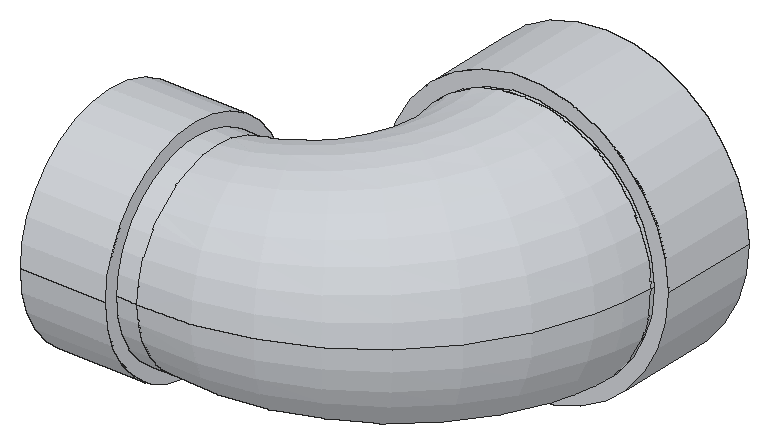
Revit family "M_Redução de dobra de esgoto de vaso sanitário - PVC - Sch 40 - DWV", category Conexões de tubo, Revit 2019
Family settings
  Cota do conector redondo = Usar raio
  Tipo de parte = Cotovelo
  Número OmniClass = 23.60.30.11.14
  Título OmniClass = Pipework Fittings
  ID de item do Seek = Closet Bend Reducing - PVC - Sch 40 - DWV-0000-CAN-ENU
  Com base no plano de trabalho = Não
  Sempre na vertical = Sim
  Corte com vazios quando carregada = Não
  Compartilhado = Não
Parameters (values of type "Padrão")
  Espessura da parede 2 [instance] = size_lookup(Nome da tabela de pesquisa, "WThk", 0.02 * Diâmetro nominal 2 + 3.274 mm, Diâmetro nominal 2)  # 6.35 mm
  Espessura da parede 1 [instance] = size_lookup(Nome da tabela de pesquisa, "WThk", 0.02 * Diâmetro nominal 1 + 3.274 mm, Diâmetro nominal 1)  # 5.563 mm
  Tamanho da marca de cota 2 [instance] = Diâmetro externo da conexão 2 * 0.4  # 45.72 mm
  Tamanho da marca de cota 1 [instance] = Diâmetro externo da conexão 1 * 0.4  # 35.56 mm
  Raio externo do soquete 2 [instance] = Diâmetro externo do soquete 2 / 2  # 63.754 mm
  Raio externo do soquete 1 [instance] = Diâmetro externo do soquete 1 / 2  # 50.267 mm
  Diâmetro externo do soquete 2 [instance] = Diâmetro da entrada do soquete 2 + Espessura da parede 2 * 2  # 127.508 mm
  Diâmetro externo do soquete 1 [instance] = Diâmetro da entrada do soquete 1 + Espessura da parede 1 * 2  # 100.533 mm
  Método de perda = Não definido
  Nome da tabela de pesquisa = "M_Closet Bend Reducing - PVC - Sch 40 - DWV"
  Comprimento 6 [instance] = Profundidade do soquete 2 * sin(Ângulo)  # 44.45 mm
  Comprimento 5 [instance] = Profundidade do soquete 2 * cos(Ângulo)  # 0 mm
  Diâmetro da entrada do soquete 2 [instance] = size_lookup(Nome da tabela de pesquisa, "SED", 1.04 * Diâmetro nominal 2 + 9.426 mm, Diâmetro nominal 2)  # 114.808 mm
  Diâmetro da entrada do soquete 1 [instance] = size_lookup(Nome da tabela de pesquisa, "SED", 1.04 * Diâmetro nominal 1 + 9.426 mm, Diâmetro nominal 1)  # 89.408 mm
  Profundidade do soquete 2 [instance] = size_lookup(Nome da tabela de pesquisa, "SDpt", 0.5 * Diâmetro nominal 2, Diâmetro nominal 2)  # 44.45 mm
  Profundidade do soquete 1 [instance] = size_lookup(Nome da tabela de pesquisa, "SDpt", 0.5 * Diâmetro nominal 1, Diâmetro nominal 1)  # 38.1 mm
  Raio nominal 2 [instance] = 50 mm
  Raio nominal 1 [instance] = 40 mm
  Diâmetro nominal 2 [instance] = Raio nominal 2 * 2  # 100 mm
  Diâmetro nominal 1 [instance] = Raio nominal 1 * 2  # 80 mm
  Diâmetro mínimo nominal 12 [instance] = if(Diâmetro nominal 1 < Diâmetro nominal 2, Diâmetro nominal 1, Diâmetro nominal 2)  # 80 mm
  Centro mínimo até o inferior do soquete 12 [instance] = if(Centro para inferior do soquete 1 < Centro para inferior do soquete 2, Centro para inferior do soquete 1, Centro para inferior do soquete 2)  # 76.2 mm
  Raio externo máximo do soquete 12 [instance] = if(Raio externo do soquete 1 > Raio externo do soquete 2, Raio externo do soquete 1, Raio externo do soquete 2)  # 63.754 mm
  Diâmetro nominal máximo 12 [instance] = if(Diâmetro nominal 1 > Diâmetro nominal 2, Diâmetro nominal 1, Diâmetro nominal 2)  # 100 mm
  Centro para inferior do soquete máximo 12 [instance] = if(Centro para inferior do soquete 1 > Centro para inferior do soquete 2, Centro para inferior do soquete 1, Centro para inferior do soquete 2)  # 85.725 mm
  Comprimento 8 [instance] = Comprimento 4 Legenda * sin(Ângulo)  # 1.587 mm
  Comprimento 7 [instance] = Comprimento 4 Legenda * cos(Ângulo)  # 0 mm
  Comprimento 4 Legenda [instance] = if(Comprimento 4 > 1.587 mm, Comprimento 4, 1.587 mm)  # 1.587 mm
  Comprimento 4 [instance] = if(Diâmetro nominal 1 > Diâmetro nominal 2, abs(Centro para inferior do soquete 1 - Centro para inferior do soquete 2), 0.794 mm)  # 0.794 mm
  Comprimento 3 [instance] = if(Diâmetro nominal 1 > Diâmetro nominal 2, Centro para inferior do soquete máximo 12, Centro mínimo até o inferior do soquete 12)  # 76.2 mm
  Comprimento 2 Legenda [instance] = if(Comprimento 2 > 1.587 mm, Comprimento 2, 1.587 mm)  # 9.525 mm
  Comprimento 2 [instance] = if(Diâmetro nominal 1 < Diâmetro nominal 2, abs(Centro para inferior do soquete máximo 12 - Comprimento 1), 0.794 mm)  # 9.525 mm
  Comprimento 1 [instance] = Legenda do raio do centro * tan(Ângulo / 2)  # 76.2 mm
  Raio externo da conexão 2 [instance] = Diâmetro externo da conexão 2 / 2  # 57.15 mm
  Raio externo da conexão 1 [instance] = Diâmetro externo da conexão 1 / 2  # 44.45 mm
  Diâmetro externo da conexão 2 [instance] = size_lookup(Nome da tabela de pesquisa, "FOD", 1.04 * Diâmetro nominal 2 + 9.128 mm, Diâmetro nominal 2)  # 114.3 mm
  Diâmetro externo da conexão 1 [instance] = size_lookup(Nome da tabela de pesquisa, "FOD", 1.04 * Diâmetro nominal 1 + 9.128 mm, Diâmetro nominal 1)  # 88.9 mm
  Centro para inferior do soquete 2 [instance] = size_lookup(Nome da tabela de pesquisa, "CtSB2", 0.75 * Diâmetro nominal máximo 12, Diâmetro nominal 1, Diâmetro nominal 2)  # 76.2 mm
  Centro para inferior do soquete 1 [instance] = size_lookup(Nome da tabela de pesquisa, "CtSB1", 0.84 * Diâmetro nominal máximo 12, Diâmetro nominal 1, Diâmetro nominal 2)  # 85.725 mm
  Legenda do raio do centro [instance] = if(Raio do centro > Raio externo máximo do soquete 12, Raio do centro, Raio externo máximo do soquete 12 + 12.7 mm)  # 76.2 mm
  Raio do centro [instance] = Centro mínimo até o inferior do soquete 12 / tan(Ângulo / 2)  # 76.2 mm
  Comprimento 10 [instance] = Legenda do raio do centro - Legenda do raio do centro * cos(Ângulo)  # 76.2 mm
  Comprimento 9 [instance] = Legenda do raio do centro * sin(Ângulo)  # 76.2 mm
  Ângulo [instance] = 90.00°
Reference planes
  plane 1 "Centro (Frente/Trás)": y = 0
  plane 2: z = 0
  plane 3 "Centro (Esquerda/Direita)": x = 0
  plane 4: x = -76.2
  plane 5: y = 76.2
  plane 6: y = 76.2
  plane 7: x = 0
  plane 8: y = 77.787
  plane 9: x = 0
  plane 10: y = 122.237
  plane 11: x = 0
  plane 12: y = 35.56
  plane 13: y = -35.56
  plane 14: x = -85.725
  plane 15: x = -123.825
Forms (mm)
  SweptBlend 1, solid, detail levels fine
    path in 3D
      loop
        arc (-76.2, 0, 0) -> (-22.318, 22.318, 0) -> (0, 76.2, 0) r 76.2
    profile origin (-76.2, 0, 0) x (0, 1, 0) y (0, 0, 1)
      loop
        circle (0, 0) r 44.45
    end profile origin (0, 76.2, 0) x (-1, 0, 0) y (0, 0, 1)
      loop
        circle (0, 0) r 57.15
  Sweep 2, solid, detail levels fine
    path in 3D
      loop
        line (0, 76.2, 0) -> (0, 77.787, 0)
    profile origin (0, 76.994, 0) x (-1, 0, 0) y (0, 0, 1)
      loop
        circle (0, 0) r 57.15
  Sweep 3, solid, detail levels fine
    path in 3D
      loop
        line (0, 77.787, 0) -> (0, 122.237, 0)
    profile origin (0, 100.012, 0) x (-1, 0, 0) y (0, 0, 1)
      loop
        circle (0, 0) r 63.754
  Sweep 4, solid, detail levels fine
    path in 3D
      loop
        line (-123.825, 0, 0) -> (-85.725, 0, 0)
    profile origin (-104.775, 0, 0) x (0, 1, 0) y (0, 0, 1)
      loop
        circle (0, 0) r 50.267
  Sweep 5, solid, detail levels fine
    path in 3D
      loop
        line (-85.725, 0, 0) -> (-76.2, 0, 0)
    profile origin (-80.962, 0, 0) x (0, 1, 0) y (0, 0, 1)
      loop
        circle (0, 0) r 44.45
Cuts and joins
  joined: SweptBlend 1, Sweep 2, Sweep 3, Sweep 4, Sweep 5
Lines and regions (mm)
  model lines, detail levels coarse+medium
    curve 1: arc (-76.2, 0, 0) -> (-22.318, 22.318, 0) -> (0, 76.2, 0) r 76.2
    curve 2: line (0, 76.2, 0) -> (0, 77.787, 0)
    curve 3: line (0, 77.787, 0) -> (0, 122.237, 0)
    curve 8: line (0, 122.237, 0) -> (-45.72, 122.237, 0)
    curve 9: line (0, 122.237, 0) -> (45.72, 122.237, 0)
    curve 14: line (-123.825, 0, 0) -> (-76.2, 0, 0)
    curve 15: line (-123.825, 35.56, 0) -> (-123.825, -35.56, 0)
  sketch lines
    curve 4: arc (-76.2, 0, 0) -> (-22.318, 22.318, 0) -> (0, 76.2, 0) r 76.2
    curve 5: line (0, 76.2, 0) -> (0, 77.787, 0)
    curve 6: line (0, 77.787, 0) -> (0, 122.237, 0)
    curve 12: line (-123.825, 0, 0) -> (-85.725, 0, 0)
    curve 13: line (-85.725, 0, 0) -> (-76.2, 0, 0)
  reference lines
    curve 7: line (0, 122.237, 0) -> (0, 77.787, 0)
    curve 10: line (-123.825, 0, 0) -> (-85.725, 0, 0)
    curve 11: line (-85.725, 0, 0) -> (-76.2, 0, 0)
Dimensions and locks
  "Legenda do raio do centro": plane 5 to plane 1 "Centro (Frente/Trás)"
  "Comprimento 1": plane 4 to plane 3 "Centro (Esquerda/Direita)"
  "Comprimento 9": plane 4 to plane 7
  "Comprimento 10": plane 6 to plane 1 "Centro (Frente/Trás)"
  "Comprimento 4 Legenda": curve 2 to curve 2
  "Comprimento 8": plane 8 to plane 6
  "Comprimento 7": plane 7 to plane 9
  "Profundidade do soquete 2": curve 3 to curve 3
  "Comprimento 6": plane 10 to plane 8
  "Comprimento 5": plane 9 to plane 11
  "Tamanho da marca de cota 1": plane 12 to plane 1 "Centro (Frente/Trás)"
  "Tamanho da marca de cota 1": plane 13 to plane 1 "Centro (Frente/Trás)"
  "Tamanho da marca de cota 2": curve 8 to curve 8
  "Tamanho da marca de cota 2": curve 9 to curve 9
  "Comprimento 2 Legenda": plane 14 to plane 4
  "Profundidade do soquete 1": plane 15 to plane 14
  "Legenda do raio do centro": radius of curve 1
  "Raio externo da conexão 1": radius of SweptBlend 1 sketch curve
  "Raio externo da conexão 2": radius of SweptBlend 1 sketch curve
  "Raio externo da conexão 2": radius of Sweep 2 sketch curve
  "Raio externo do soquete 2": radius of Sweep 3 sketch curve
  "Raio externo do soquete 1": radius of Sweep 4 sketch curve
  "Raio externo da conexão 1": radius of Sweep 5 sketch curve
  "Ângulo": angle curve 1 to curve 1
  "Ângulo": angle plane 6 to curve 2
  "Ângulo": angle plane 8 to curve 3
  "Ângulo": angle plane 8 to curve 7
  locked: curve 8 to curve 7 (angle 90.00°)
  locked: curve 7 to curve 9 (angle 90.00°)
  aligned and locked: plane 5 to curve 1
  aligned and locked: plane 10 to curve 7
  aligned and locked: plane 11 to curve 7
  aligned and locked: plane 15 to curve 10
  aligned and locked: plane 1 "Centro (Frente/Trás)" to curve 10
  aligned and locked: plane 14 to curve 11
  aligned and locked: plane 4 to curve 11
  aligned and locked: plane 1 "Centro (Frente/Trás)" to curve 11
  aligned and locked: plane 15 to curve 14
  aligned and locked: plane 4 to curve 14
  aligned and locked: plane 1 "Centro (Frente/Trás)" to curve 14
  aligned and locked: plane 12 to curve 15
  aligned and locked: plane 13 to curve 15
  aligned and locked: curve 15 to plane 15
Automatic sketch dimensions
  curve 1 to plane 4 = 0 mm
  SweptBlend 1 sketch curve to profile plane = 0 mm  (x4)
  Sweep 2 sketch curve to profile plane = 0 mm  (x2)
  Sweep 3 sketch curve to profile plane = 0 mm  (x2)
  Sweep 4 sketch curve to profile plane = 0 mm  (x2)
  Sweep 5 sketch curve to profile plane = 0 mm  (x2)
Connectors
  piping at (-123.825, 0, 0), diameter 80, driven by "Ângulo", driven by "Raio nominal 1"
    settings: on cut or joined group of SweptBlend 1, Sweep 2, Sweep 3, Sweep 4, Sweep 5, index 1, connector inside diameter 80 mm, connector length 0 mm, flow factor 0, pipe flow 0.0 L/s, pressure drop 0.0 Pa, fitting loss kfactor 0, connector angle 90.00°, fixture units 0, engagement length 0 mm, angle of deflection 0.00°, flow configuration 0, flow direction 0, fitting loss method 0, system type 28, joint type 0, gender type 0, connector reference index 2, connector utility 0, adjustable connector no, is connector primary yes, connector description ""
  piping at (0, 122.237, 0), diameter 100, driven by "Ângulo", driven by "Raio nominal 2"
    settings: on cut or joined group of SweptBlend 1, Sweep 2, Sweep 3, Sweep 4, Sweep 5, index 2, connector inside diameter 100 mm, connector length 0 mm, flow factor 0, pipe flow 0.0 L/s, pressure drop 0.0 Pa, fitting loss kfactor 0, connector angle 90.00°, fixture units 0, engagement length 0 mm, angle of deflection 0.00°, flow configuration 0, flow direction 0, fitting loss method 0, system type 28, joint type 0, gender type 0, connector reference index 1, connector utility 0, adjustable connector no, is connector primary no, connector description ""
